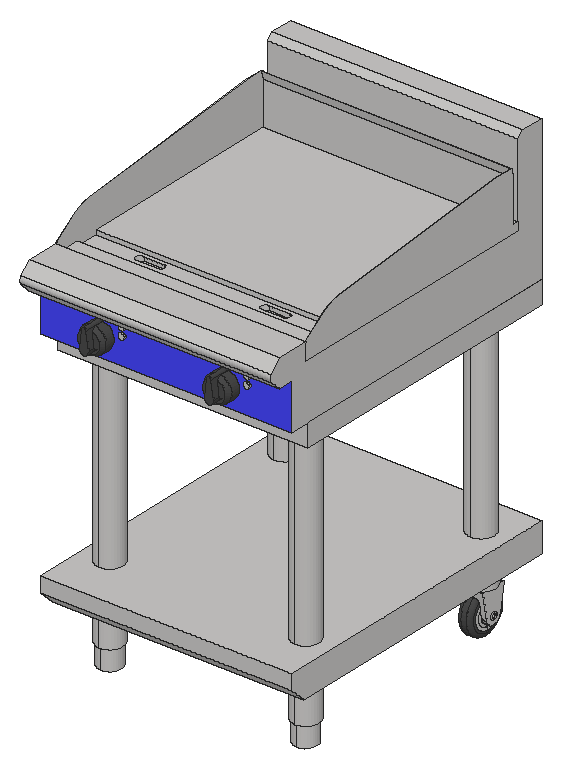
Revit family "QF_MOFFAT_BLUESEAL_CE_E514B-LS", category Specialty Equipment, Revit 2012
Parameters
  Weight in Pounds = 162  # constant formula
  Watts = 6800 W
  Volts = 230 V
  URL Cutsheet = "www.moffat.com"
  URL = "www.moffat.com"
  Type Mark [instance] = ""
  Status [instance] = ""
  Specification by User [instance] = ""
  Specification by Manufacturer = ""
  Show Logo [instance] = no
  Show Casters [instance] = yes
  Serial Number = ""
  Seismic Rating = ""
  SMACNA No = ""
  Revision Code [instance] = ""
  Phase = 1
  Omniclass Number and Title = ""
  Number of Poles = 1
  NAFEM Spec ID Number = ""
  Model = "E514B-LS"
  Min Ckt Ampacity = 0 A
  Max Overcurrent Protection = 0 A
  Masterspec = ""
  Manufacturer = "MOFFAT BLUESEAL"
  Legs [instance] = not(Show Casters)  # no
  Item Number [instance] = ""
  Installed By [instance] = ""
  Identify Quantity as Lot [instance] = yes
  HP = ""
  Furnished By [instance] = ""
  Foodservice Equipment Identifier [instance] = yes
  FL Amps = 28.3 A
  Elec Conn RI Height = 0 mm
  Elec Conn Connection Height = 0 mm
  Description = "600MM ELECTRIC GRIDDLE PLATE ON LEG STAND"
  Cycle = 50 Hz
  Conn Plug = ""
  Conn Conduit = yes
  CSI MasterFormat = ""
  CSI Master Format = ""
  Base Height [instance] = 150 mm
  Apparent Power = if(Phase = 3, Volts * FL Amps * 1.73, Volts * FL Amps)  # 6509 VA
Reference planes
  plane 1 "BACK": y = 0
  plane 2: z = 0
  plane 3 "LEFT": x = 0
  plane 4 "RIGHT": x = 600
  plane 5 "FRONT": y = -812
  plane 6 "TOP": z = 970
  plane 7 "Center Y": x = 300
  plane 8 "Center X": y = -406
  plane 9 "Base Height": z = 150
  plane 10: z = 915
  plane 11: y = -31
  plane 12: z = 710
  plane 13: x = 470
  plane 14: z = 1085
  plane 15: y = -625
  plane 16: y = -100
Forms (mm)
  Extrusion 1, solid, material "QF_Finishes_Stainless Steel"
    sketch origin (0, 0, 0) x (0, 1, 0) y (0, 0, 1)
      loop
        line (-749, 850) -> (-749, 740) -> (0, 740) -> (0, 1085) -> (-57.5, 1085) -> (-70, 1072.5) -> (-70, 875) -> (-705, 875) -> (-705, 915) -> (-783.97, 915) -> (-808.485, 890.485)
        arc (-808.485, 890.485) -> (-811.999, 882) -> (-808.485, 873.515) r 12
        line (-808.485, 873.515) -> (-784.97, 850) -> (-749, 850)
      loop
        line (0, 685) -> (0, 739.5) -> (-699, 739.5) -> (-699, 685) -> (0, 685)
      loop
        line (0, 222.5) -> (-749, 222.5) -> (-749, 186) -> (-713, 150) -> (0, 150) -> (0, 222.5)
    from 0 to 600
  Revolve 2, solid, material "QF_Finishes_Black"
    sketch origin (150, 7, 598.311) x (0, 1, 0) y (0, 0, -1)
      loop
        line (-789, -229.5) -> (-766, -229.5) -> (-766, -202) -> (-756, -202) -> (-756, -197) -> (-800, -197) -> (-800, -223.651) -> (-789, -229.5)
      axis (-800, -197) -> (-756, -197)
    angle from 0 to 360
  Extrusion 3, solid, material "QF_Finishes_Black"
    sketch origin (150, -759, 795.311) x (0, 0, 1) y (1, 0, 0)
      loop
        arc (32.192, -4.965) -> (37.079, 0.034) -> (32.192, 5.033) r 5
        line (32.192, 5.033) -> (-10.726, 10.453)
        arc (-10.726, 10.453) -> (-22.392, 0.618) -> (-11.893, -10.454) r 10.487
        line (-11.893, -10.454) -> (32.192, -4.965)
    from 0 to -49
  Extrusion 4, solid, material "QF_Finishes_Stainless Steel"
    sketch origin (0, 0, 222.5) x (0, -1, 0) y (1, 0, 0)
      loop
        circle (100, 65) r 31.75
      loop
        circle (625, 65) r 31.75
      loop
        circle (100, 535) r 31.75
      loop
        circle (625, 535) r 31.75
    from 0 to 462.5
  Revolve 5, solid, material "QF_Finishes_Stainless Steel", visible <- "Legs"
    sketch origin (65.5, -166, 0) x (0, 1, 0) y (0, 0, 1)
      loop
        line (34.25, 150) -> (34.25, 50) -> (38.5, 50) -> (38.5, 0) -> (66, 0) -> (66, 150) -> (34.25, 150)
      axis (66, 150) -> (66, 0)
    angle from 0 to 360
  Revolve 6, solid, material "QF_Finishes_Stainless Steel"
    sketch origin (65.5, -735, 0) x (0, 1, 0) y (0, 0, 1)
      loop
        line (78.25, 150) -> (78.25, 50) -> (82.5, 50) -> (82.5, 0) -> (110, 0) -> (110, 150) -> (78.25, 150)
      axis (110, 150) -> (110, 0)
    angle from 0 to 360
  Revolve 7, solid, material "QF_Finishes_Stainless Steel", visible <- "Legs"
    sketch origin (534.5, -166, 0) x (0, 1, 0) y (0, 0, -1)
      loop
        line (34.25, -150) -> (66, -150) -> (66, 0) -> (38.5, 0) -> (38.5, -50) -> (34.25, -50) -> (34.25, -150)
      axis (66, -150) -> (66, 0)
    angle from 0 to 360
  Revolve 8, solid, material "QF_Finishes_Stainless Steel"
    sketch origin (534.5, -728, 0) x (0, 1, 0) y (0, 0, -1)
      loop
        line (71.25, -150) -> (103, -150) -> (103, 0) -> (75.5, 0) -> (75.5, -50) -> (71.25, -50) -> (71.25, -150)
      axis (103, -150) -> (103, 0)
    angle from 0 to 360
  Extrusion 9, void
    sketch origin (0, -699, 740) x (0, -1, 0) y (1, 0, 0)
      loop
        circle (-668, 470) r 6.35
    from 0 to -62.281
  Extrusion 10, solid, material "QF_Finishes_Stainless Steel"
    sketch origin (16.039, -749, 850) x (0, 0, -1) y (1, 0, 0)
      loop
        circle (44.61, 179) r 7.15
      loop
        circle (24.61, 179) r 7.15
    from 0 to 3.2
  Revolve 11, solid, material "QF_Finishes_Stainless Steel", visible <- "Show Casters"
    sketch origin (16.276, -100.755, -13.653) x (1, 0, 0) y (0, 0, 1)
      loop
        line (14.841, 63.604) -> (83.584, 63.604) -> (83.584, 67.109) -> (82.314, 68.379) -> (80.79, 68.379) -> (80.79, 71.826) -> (68.644, 71.826) -> (68.644, 81.79) -> (65.088, 83.843) -> (63.738, 92.179) -> (65.881, 92.179) -> (65.881, 98.529) -> (65.088, 98.529) -> (65.088, 104.879)
        arc (65.088, 104.879) -> (62.298, 111.614) -> (55.563, 114.404) r 9.525
        line (55.563, 114.404) -> (42.863, 114.404)
        arc (42.863, 114.404) -> (36.127, 111.614) -> (33.338, 104.879) r 9.525
        line (33.338, 104.879) -> (33.338, 98.529) -> (32.544, 98.529) -> (32.544, 92.179) -> (34.687, 92.179) -> (33.352, 83.932) -> (29.782, 81.871) -> (29.782, 71.826) -> (17.635, 71.826) -> (17.635, 68.379) -> (16.111, 68.379) -> (14.841, 67.109) -> (14.841, 63.604)
      axis (14.841, 63.604) -> (83.584, 63.604)
    angle from 0 to 360
  Extrusion 12, solid, material "QF_Finishes_Stainless Steel", visible <- "Show Casters"
    sketch origin (72.001, 132.353, -8.783) x (0, 1, 0) y (0, 0, 1)
      loop
        line (-200.603, 118.783) -> (-264.103, 118.783) -> (-251.746, 53.895)
        arc (-251.746, 53.895) -> (-232.353, 38.783) -> (-212.959, 53.895) r 20
        line (-212.959, 53.895) -> (-200.603, 118.783)
    from -35.667 to 22.923
  Revolve 13, solid, material "QF_Finishes_Stainless Steel", visible <- "Show Casters"
    sketch origin (65.5, -204, 0) x (0, 1, 0) y (0, 0, 1)
      loop
        line (68.25, 150) -> (68.25, 110) -> (104, 110) -> (104, 150) -> (68.25, 150)
      axis (104, 150) -> (104, 110)
    angle from 0 to 360
  Revolve 14, solid, material "QF_Finishes_Stainless Steel", visible <- "Legs"
    sketch origin (65.5, -166, 0) x (0, 1, 0) y (0, 0, 1)
      loop
        line (34.25, 150) -> (34.25, 50) -> (38.5, 50) -> (38.5, 0) -> (66, 0) -> (66, 150) -> (34.25, 150)
      axis (66, 150) -> (66, 0)
    angle from 0 to 360
  Revolve 15, solid, material "QF_Finishes_Stainless Steel", visible <- "Show Casters"
    sketch origin (485.276, -100.755, -13.653) x (1, 0, 0) y (0, 0, 1)
      loop
        line (14.841, 63.604) -> (83.584, 63.604) -> (83.584, 67.109) -> (82.314, 68.379) -> (80.79, 68.379) -> (80.79, 71.826) -> (68.644, 71.826) -> (68.644, 81.79) -> (65.088, 83.843) -> (63.738, 92.179) -> (65.881, 92.179) -> (65.881, 98.529) -> (65.088, 98.529) -> (65.088, 104.879)
        arc (65.088, 104.879) -> (62.298, 111.614) -> (55.563, 114.404) r 9.525
        line (55.563, 114.404) -> (42.863, 114.404)
        arc (42.863, 114.404) -> (36.127, 111.614) -> (33.338, 104.879) r 9.525
        line (33.338, 104.879) -> (33.338, 98.529) -> (32.544, 98.529) -> (32.544, 92.179) -> (34.687, 92.179) -> (33.352, 83.932) -> (29.782, 81.871) -> (29.782, 71.826) -> (17.635, 71.826) -> (17.635, 68.379) -> (16.111, 68.379) -> (14.841, 67.109) -> (14.841, 63.604)
      axis (14.841, 63.604) -> (83.584, 63.604)
    angle from 0 to 360
  Extrusion 16, solid, material "QF_Finishes_Stainless Steel", visible <- "Show Casters"
    sketch origin (541.001, 132.353, -8.783) x (0, 1, 0) y (0, 0, 1)
      loop
        line (-200.603, 118.783) -> (-264.103, 118.783) -> (-251.746, 53.895)
        arc (-251.746, 53.895) -> (-232.353, 38.783) -> (-212.959, 53.895) r 20
        line (-212.959, 53.895) -> (-200.603, 118.783)
    from -35.667 to 22.923
  Revolve 17, solid, material "QF_Finishes_Stainless Steel", visible <- "Show Casters"
    sketch origin (534.5, -204, 0) x (0, 1, 0) y (0, 0, 1)
      loop
        line (68.25, 150) -> (68.25, 110) -> (104, 110) -> (104, 150) -> (68.25, 150)
      axis (104, 150) -> (104, 110)
    angle from 0 to 360
  Revolve 18, solid, material "QF_Finishes_Black"
    sketch origin (450, 7, 598.311) x (0, 1, 0) y (0, 0, -1)
      loop
        line (-789, -229.5) -> (-766, -229.5) -> (-766, -202) -> (-756, -202) -> (-756, -197) -> (-800, -197) -> (-800, -223.651) -> (-789, -229.5)
      axis (-800, -197) -> (-756, -197)
    angle from 0 to 360
  Extrusion 19, solid, material "QF_Finishes_Black"
    sketch origin (450, -759, 795.311) x (0, 0, 1) y (1, 0, 0)
      loop
        arc (32.192, -4.965) -> (37.079, 0.034) -> (32.192, 5.033) r 5
        line (32.192, 5.033) -> (-10.726, 10.453)
        arc (-10.726, 10.453) -> (-22.392, 0.618) -> (-11.893, -10.454) r 10.487
        line (-11.893, -10.454) -> (32.192, -4.965)
    from 0 to -49
  Extrusion 20, solid, material "QF_Finishes_Stainless Steel"
    sketch origin (316.039, -749, 850) x (0, 0, -1) y (1, 0, 0)
      loop
        circle (44.61, 179) r 7.15
      loop
        circle (24.61, 179) r 7.15
    from 0 to 3.2
Cuts and joins
  Extrusion 9 cuts Extrusion 1
Lines and regions (mm)
  Split face 1
    outline origin (600, 0, 1085) x (-1, 0, 0) y (0, -1, 0)
      loop
        arc (556, 18.385) -> (564.66, 23.385) -> (564.66, 33.385) r 10
        line (564.66, 33.385) -> (560.619, 40.385)
        arc (560.619, 40.385) -> (556.959, 44.045) -> (551.959, 45.385) r 10
        line (551.959, 45.385) -> (324, 45.385)
        arc (324, 45.385) -> (315.34, 40.385) -> (315.34, 30.385) r 10
        line (315.34, 30.385) -> (319.381, 23.385)
        arc (319.381, 23.385) -> (323.041, 19.725) -> (328.041, 18.385) r 10
        line (328.041, 18.385) -> (556, 18.385)
  Split face 2
    outline origin (600, 0, 1085) x (-1, 0, 0) y (0, -1, 0)
      loop
        arc (276, 18.385) -> (284.66, 23.385) -> (284.66, 33.385) r 10
        line (284.66, 33.385) -> (280.619, 40.385)
        arc (280.619, 40.385) -> (276.959, 44.045) -> (271.959, 45.385) r 10
        line (271.959, 45.385) -> (44, 45.385)
        arc (44, 45.385) -> (35.34, 40.385) -> (35.34, 30.385) r 10
        line (35.34, 30.385) -> (39.381, 23.385)
        arc (39.381, 23.385) -> (43.041, 19.725) -> (48.041, 18.385) r 10
        line (48.041, 18.385) -> (276, 18.385)
  symbolic lines, style "SpecialityEquipmentHiddenLines", visible <- "Show Casters"
    curve 1: line (78.456, -46.735, 0) -> (105.952, -62.61, 0)
    curve 2: line (27.656, -134.723, 0) -> (78.456, -46.735, 0)
    curve 3: line (55.152, -150.598, 0) -> (27.656, -134.723, 0)
    curve 4: line (105.952, -62.61, 0) -> (55.152, -150.598, 0)
    curve 5: line (548.456, -46.735, 0) -> (575.952, -62.61, 0)
    curve 6: line (497.656, -134.723, 0) -> (548.456, -46.735, 0)
    curve 7: line (525.152, -150.598, 0) -> (497.656, -134.723, 0)
    curve 8: line (575.952, -62.61, 0) -> (525.152, -150.598, 0)
  symbolic lines
    curve 9: line (271.959, -18.385, 0) -> (44, -18.385, 0)
    curve 10: arc (44, -18.385, 0) -> (35.34, -23.385, 0) -> (35.34, -33.385, 0) r 10
    curve 11: line (35.34, -33.385, 0) -> (39.381, -40.385, 0)
    curve 12: arc (39.381, -40.385, 0) -> (43.041, -44.045, 0) -> (48.041, -45.385, 0) r 10
    curve 13: line (48.041, -45.385, 0) -> (276, -45.385, 0)
    curve 14: arc (276, -45.385, 0) -> (284.66, -40.385, 0) -> (284.66, -30.385, 0) r 10
    curve 15: line (284.66, -30.385, 0) -> (280.619, -23.385, 0)
    curve 16: arc (280.619, -23.385, 0) -> (276.959, -19.725, 0) -> (271.959, -18.385, 0) r 10
    curve 17: line (324, -18.385, 0) -> (551.959, -18.385, 0)
    curve 18: arc (551.959, -18.385, 0) -> (556.959, -19.725, 0) -> (560.619, -23.385, 0) r 10
    curve 19: line (560.619, -23.385, 0) -> (564.66, -30.385, 0)
    curve 20: arc (564.66, -30.385, 0) -> (564.66, -40.385, 0) -> (556, -45.385, 0) r 10
    curve 21: line (556, -45.385, 0) -> (328.041, -45.385, 0)
    curve 22: arc (328.041, -45.385, 0) -> (323.041, -44.045, 0) -> (319.381, -40.385, 0) r 10
    curve 23: line (319.381, -40.385, 0) -> (315.34, -33.385, 0)
    curve 24: arc (315.34, -33.385, 0) -> (315.34, -23.385, 0) -> (324, -18.385, 0) r 10
    curve 25: line (0, -783.97, 0) -> (600, -783.97, 0)
    curve 26: line (0, 0, 0) -> (0, -811.999, 0)
    curve 27: line (600, -811.999, 0) -> (600, 0, 0)
    curve 28: line (600, -811.999, 0) -> (0, -811.999, 0)
    curve 29: line (0, -70, 0) -> (600, -70, 0)
    curve 30: line (0, -57.5, 0) -> (600, -57.5, 0)
    curve 31: line (600, 0, 0) -> (0, 0, 0)
Dimensions and locks
  equal spacing: plane 3 "LEFT", plane 7 "Center Y", plane 4 "RIGHT"
  plane 3 "LEFT" to plane 4 "RIGHT" = 600 mm
  equal spacing: plane 5 "FRONT", plane 8 "Center X", plane 1 "BACK"
  plane 5 "FRONT" to plane 1 "BACK" = 812 mm  (x2)
  equal spacing: plane 4 "RIGHT", plane 7 "Center Y", plane 3 "LEFT"
  plane 4 "RIGHT" to plane 3 "LEFT" = 600 mm
  "Base Height": plane 9 "Base Height" to level
  plane 6 "TOP" to level = 970 mm
  plane 10 to level = 915 mm
  plane 11 to plane 1 "BACK" = 31 mm
  plane 12 to level = 710 mm
  plane 13 to plane 4 "RIGHT" = 130 mm
  plane 14 to plane 2 = 1085 mm
  Revolve 11 sketch curve to Revolve 11 sketch curve = 50.8 mm
  Revolve 15 sketch curve to Revolve 15 sketch curve = 50.8 mm
  plane 2 to cut or joined group of Extrusion 1, Extrusion 9 = 740 mm
  Extrusion 9 sketch curve to plane 1 "BACK" = 31 mm
  aligned and locked: level to plane 2
  aligned and locked: Extrusion 4 to cut or joined group of Extrusion 1, Extrusion 9
Automatic sketch dimensions
  plane 1 "BACK" to curve 31 = 0 mm
  curve 31 to plane 3 "LEFT" = 0 mm
  curve 27 to plane 4 "RIGHT" = 0 mm
  plane 3 "LEFT" to curve 3 = 27.656 mm
  curve 10 to plane 11 = 2.385 mm
  plane 3 "LEFT" to curve 10 = 35.34 mm
  curve 11 to curve 12 = 4.041 mm
  curve 10 to curve 9 = 8.66 mm
  curve 12 to plane 11 = 4.385 mm
  curve 10 to curve 12 = 4.041 mm
  curve 2 to curve 3 = 27.496 mm
  curve 2 to plane 11 = 15.735 mm
  curve 12 to curve 2 = 30.414 mm
  plane 11 to curve 9 = 12.615 mm
  curve 9 to plane 7 "Center Y" = 28.041 mm
  curve 14 to plane 11 = 4.385 mm
  curve 16 to curve 14 = 4.041 mm
  plane 11 to curve 15 = 7.615 mm
  curve 16 to curve 15 = 8.66 mm
  plane 11 to curve 14 = 0.615 mm
  curve 15 to curve 14 = 4.041 mm
  curve 24 to plane 11 = 2.385 mm
  plane 7 "Center Y" to curve 24 = 15.34 mm
  curve 23 to plane 11 = 9.385 mm
  curve 23 to curve 23 = 4.041 mm
  plane 11 to curve 17 = 12.615 mm
  curve 24 to curve 17 = 8.66 mm
  curve 23 to curve 22 = 8.66 mm
  plane 13 to curve 7 = 27.656 mm
  curve 6 to curve 8 = 27.496 mm
  curve 6 to plane 11 = 15.735 mm
  plane 4 "RIGHT" to curve 6 = 51.544 mm
  curve 5 to curve 18 = 3.503 mm
  curve 5 to curve 21 = 7.544 mm
  plane 11 to curve 19 = 7.615 mm
  curve 17 to curve 19 = 8.66 mm
  plane 11 to curve 20 = 0.615 mm
  curve 18 to curve 20 = 4.041 mm
  curve 30 to plane 11 = 26.5 mm
  curve 4 to curve 1 = 15.875 mm
  curve 5 to curve 30 = 5.11 mm
  curve 29 to curve 30 = 12.5 mm
  curve 25 to plane 5 "FRONT" = 28.03 mm
  curve 28 to plane 5 "FRONT" = 0.001 mm
  curve 22 to curve 23 = 5 mm
  plane 10 to Extrusion 1 sketch curve = 0 mm
  Extrusion 1 sketch curve to plane 9 "Base Height" = 0 mm
  plane 14 to Extrusion 1 sketch curve = 0 mm
  Extrusion 1 sketch curve to plane 1 "BACK" = 0 mm  (x3)
  Extrusion 1 sketch curve to plane 11 = 26.5 mm
  plane 14 to Extrusion 1 sketch curve = 12.5 mm
  Extrusion 1 sketch curve to Extrusion 1 sketch curve = 12.5 mm
  Extrusion 1 sketch curve to plane 12 = 25 mm
  plane 15 to Extrusion 1 sketch curve = 74 mm
  plane 15 to Extrusion 1 sketch curve = 80 mm
  plane 15 to Extrusion 1 sketch curve = 88 mm
  Extrusion 1 sketch curve to Extrusion 1 sketch curve = 44 mm
  Extrusion 1 sketch curve to Extrusion 1 sketch curve = 36 mm
  Extrusion 1 sketch curve to plane 5 "FRONT" = 28.03 mm
  Extrusion 1 sketch curve to plane 5 "FRONT" = 27.03 mm
  Extrusion 1 sketch curve to plane 5 "FRONT" = 12.001 mm
  Extrusion 1 sketch curve to plane 5 "FRONT" = 3.515 mm  (x2)
  plane 9 "Base Height" to Extrusion 1 sketch curve = 36 mm
  plane 9 "Base Height" to Extrusion 1 sketch curve = 72.5 mm
  plane 12 to Extrusion 1 sketch curve = 29.5 mm
  Extrusion 1 sketch curve to Extrusion 1 sketch curve = 0.5 mm
  plane 10 to Extrusion 1 sketch curve = 65 mm
  Extrusion 1 sketch curve to Extrusion 1 sketch curve = 23.515 mm
  plane 10 to Extrusion 1 sketch curve = 40 mm
  Extrusion 1 sketch curve to Extrusion 1 sketch curve = 8.485 mm
  Revolve 2 sketch curve to plane 5 "FRONT" = 19 mm
  Revolve 2 sketch curve to Revolve 2 sketch curve = 0 mm  (x2)
  Revolve 2 sketch curve to Revolve 2 sketch curve = 11 mm
  Revolve 2 sketch curve to Revolve 2 sketch curve = 12.7 mm
  Revolve 2 sketch curve to Revolve 2 sketch curve = 23 mm
  Revolve 2 sketch curve to Revolve 2 sketch curve = 10 mm
  plane 10 to Revolve 2 sketch curve = 87.189 mm
  Revolve 2 sketch curve to Revolve 2 sketch curve = 5.849 mm
  Revolve 2 sketch curve to Revolve 2 sketch curve = 27.5 mm
  Revolve 2 sketch curve to Revolve 2 sketch curve = 5 mm
  Extrusion 3 sketch curve to Revolve 2 = 0.034 mm  (x2)
  Revolve 2 to Extrusion 3 sketch curve = 10.454 mm
  Extrusion 3 sketch curve to Extrusion 3 sketch curve = 0.028 mm
  Extrusion 3 sketch curve to Revolve 2 = 10.453 mm
  Extrusion 3 sketch curve to Extrusion 3 sketch curve = 44 mm
  Extrusion 3 sketch curve to Revolve 2 = 5.033 mm
  Extrusion 3 sketch curve to Extrusion 3 sketch curve = 0.113 mm
  Revolve 2 to Extrusion 3 sketch curve = 4.965 mm
  Extrusion 4 sketch curve to Extrusion 4 sketch curve = 0 mm  (x8)
  Extrusion 1 to Extrusion 4 sketch curve = 68.25 mm  (x2)
  Extrusion 4 sketch curve to Extrusion 4 sketch curve = 31.75 mm  (x4)
  Extrusion 4 sketch curve to Extrusion 1 = 155.75 mm  (x2)
  Extrusion 1 to Extrusion 4 sketch curve = 65 mm  (x4)
  Revolve 5 sketch curve to plane 9 "Base Height" = 0 mm
  Revolve 5 sketch curve to level = 0 mm
  Revolve 5 sketch curve to plane 16 = 0 mm  (x2)
  Revolve 5 sketch curve to Revolve 5 sketch curve = 27.5 mm
  Revolve 5 sketch curve to Revolve 5 sketch curve = 31.75 mm
  Revolve 5 sketch curve to Revolve 5 sketch curve = 55 mm
  level to Revolve 5 sketch curve = 50 mm
  Revolve 5 sketch curve to Revolve 5 sketch curve = 0 mm
  Revolve 6 sketch curve to plane 9 "Base Height" = 0 mm
  Revolve 6 sketch curve to level = 0 mm
  Revolve 6 sketch curve to plane 15 = 0 mm  (x2)
  Revolve 6 sketch curve to Revolve 6 sketch curve = 27.5 mm
  Revolve 6 sketch curve to Revolve 6 sketch curve = 31.75 mm
  Revolve 6 sketch curve to Revolve 6 sketch curve = 55 mm
  level to Revolve 6 sketch curve = 50 mm
  Revolve 6 sketch curve to Revolve 6 sketch curve = 0 mm
  Revolve 7 sketch curve to plane 9 "Base Height" = 0 mm
  Revolve 7 sketch curve to level = 0 mm
  Revolve 7 sketch curve to plane 16 = 0 mm  (x2)
  plane 16 to Revolve 7 sketch curve = 27.5 mm
  plane 16 to Revolve 7 sketch curve = 31.75 mm
  level to Revolve 7 sketch curve = 50 mm
  Revolve 7 sketch curve to Revolve 7 sketch curve = 0 mm
  Revolve 7 sketch curve to Revolve 7 sketch curve = 55 mm
  Revolve 8 sketch curve to plane 9 "Base Height" = 0 mm
  Revolve 8 sketch curve to level = 0 mm
  Revolve 8 sketch curve to plane 15 = 0 mm  (x2)
  plane 15 to Revolve 8 sketch curve = 27.5 mm
  plane 15 to Revolve 8 sketch curve = 31.75 mm
  level to Revolve 8 sketch curve = 50 mm
  Revolve 8 sketch curve to Revolve 8 sketch curve = 0 mm
  Revolve 8 sketch curve to Revolve 8 sketch curve = 55 mm
  Extrusion 9 sketch curve to Extrusion 1 = 130 mm
  Split face 1 sketch curve to cut or joined group of Extrusion 1, Extrusion 9 = 27.115 mm
  Split face 1 sketch curve to cut or joined group of Extrusion 1, Extrusion 9 = 284.66 mm
  Split face 1 sketch curve to Split face 1 sketch curve = 4.041 mm  (x4)
  Split face 1 sketch curve to Split face 1 sketch curve = 8.66 mm  (x2)
  Split face 1 sketch curve to cut or joined group of Extrusion 1, Extrusion 9 = 12.115 mm
  Split face 1 sketch curve to cut or joined group of Extrusion 1, Extrusion 9 = 48.041 mm
  Split face 1 sketch curve to Split face 1 sketch curve = 7 mm  (x3)
  Split face 1 sketch curve to Split face 1 sketch curve = 17 mm
  Split face 2 sketch curve to cut or joined group of Extrusion 1, Extrusion 9 = 35.34 mm
  Split face 2 sketch curve to Split face 2 sketch curve = 4.041 mm  (x4)
  Split face 2 sketch curve to Split face 2 sketch curve = 8.66 mm  (x2)
  Split face 2 sketch curve to cut or joined group of Extrusion 1, Extrusion 9 = 12.115 mm
  Split face 2 sketch curve to Split face 2 sketch curve = 223.917 mm
  Split face 2 sketch curve to Split face 2 sketch curve = 5 mm
  Split face 2 sketch curve to Split face 2 sketch curve = 10 mm
  Split face 2 sketch curve to Split face 2 sketch curve = 7 mm  (x3)
  Extrusion 10 sketch curve to Extrusion 1 = 24.61 mm
  Extrusion 10 sketch curve to Extrusion 10 sketch curve = 20 mm
  Extrusion 1 to Extrusion 10 sketch curve = 195.039 mm
  Extrusion 10 sketch curve to Extrusion 10 sketch curve = 0 mm
  plane 3 "LEFT" to Revolve 11 sketch curve = 31.118 mm
  Revolve 11 sketch curve to Revolve 11 sketch curve = 1.27 mm  (x4)
  Revolve 11 sketch curve to Revolve 11 sketch curve = 1.524 mm  (x2)
  Revolve 11 sketch curve to Revolve 11 sketch curve = 12.146 mm  (x2)
  Revolve 11 sketch curve to Revolve 11 sketch curve = 2.762 mm
  Revolve 11 sketch curve to Revolve 11 sketch curve = 0.794 mm  (x2)
  Revolve 11 sketch curve to Revolve 11 sketch curve = 3.57 mm
  Revolve 11 sketch curve to Revolve 11 sketch curve = 2.143 mm
  Revolve 11 sketch curve to Revolve 11 sketch curve = 9.525 mm
  Revolve 11 sketch curve to Revolve 11 sketch curve = 24.572 mm
  Revolve 11 sketch curve to Revolve 11 sketch curve = 12.7 mm
  Revolve 11 sketch curve to Revolve 11 sketch curve = 8.176 mm
  Revolve 11 sketch curve to Revolve 11 sketch curve = 1.349 mm  (x2)
  Revolve 11 sketch curve to Revolve 11 sketch curve = 3.556 mm
  Revolve 11 sketch curve to Revolve 11 sketch curve = 33.32 mm
  level to Revolve 11 sketch curve = 49.952 mm
  Revolve 11 sketch curve to Revolve 11 sketch curve = 0 mm
  Revolve 11 sketch curve to Revolve 11 sketch curve = 3.505 mm  (x2)
  Revolve 11 sketch curve to Revolve 11 sketch curve = 3.447 mm  (x2)
  Revolve 11 sketch curve to Revolve 11 sketch curve = 9.964 mm
  Revolve 11 sketch curve to Revolve 11 sketch curve = 10.045 mm
  Revolve 11 sketch curve to Revolve 11 sketch curve = 2.053 mm
  Revolve 11 sketch curve to Revolve 11 sketch curve = 2.061 mm
  Revolve 11 sketch curve to Revolve 11 sketch curve = 8.247 mm
  Revolve 11 sketch curve to Revolve 11 sketch curve = 8.336 mm
  Revolve 11 sketch curve to Revolve 11 sketch curve = 6.35 mm  (x2)
  Extrusion 12 sketch curve to plane 16 = 0 mm
  plane 16 to Extrusion 12 sketch curve = 19.393 mm
  plane 16 to Extrusion 12 sketch curve = 31.75 mm
  Extrusion 12 sketch curve to plane 16 = 19.393 mm
  Extrusion 12 sketch curve to plane 16 = 31.75 mm
  level to Extrusion 12 sketch curve = 45.111 mm
  Extrusion 12 sketch curve to Extrusion 12 sketch curve = 4.889 mm
  Extrusion 12 sketch curve to plane 9 "Base Height" = 40 mm
  Revolve 13 sketch curve to plane 9 "Base Height" = 0 mm
  Revolve 13 sketch curve to plane 16 = 0 mm  (x2)
  plane 16 to Revolve 13 sketch curve = 35.75 mm
  Revolve 13 sketch curve to Revolve 13 sketch curve = 40 mm
  level to Revolve 13 sketch curve = 50 mm
  Revolve 13 sketch curve to level = 55 mm
  Revolve 14 sketch curve to plane 9 "Base Height" = 0 mm
  Revolve 14 sketch curve to level = 0 mm
  Revolve 14 sketch curve to plane 16 = 0 mm  (x2)
  Revolve 14 sketch curve to Revolve 14 sketch curve = 27.5 mm
  Revolve 14 sketch curve to Revolve 14 sketch curve = 31.75 mm
  Revolve 14 sketch curve to Revolve 14 sketch curve = 55 mm
  level to Revolve 14 sketch curve = 50 mm
  Revolve 14 sketch curve to Revolve 14 sketch curve = 0 mm
  plane 13 to Revolve 15 sketch curve = 30.118 mm
  Revolve 15 sketch curve to Revolve 15 sketch curve = 1.27 mm  (x4)
  Revolve 15 sketch curve to Revolve 15 sketch curve = 1.524 mm  (x2)
  Revolve 15 sketch curve to Revolve 15 sketch curve = 12.146 mm  (x2)
  Revolve 15 sketch curve to Revolve 15 sketch curve = 2.762 mm
  Revolve 15 sketch curve to Revolve 15 sketch curve = 0.794 mm  (x2)
  Revolve 15 sketch curve to Revolve 15 sketch curve = 3.57 mm
  Revolve 15 sketch curve to Revolve 15 sketch curve = 2.143 mm
  Revolve 15 sketch curve to Revolve 15 sketch curve = 9.525 mm
  Revolve 15 sketch curve to Revolve 15 sketch curve = 24.572 mm
  Revolve 15 sketch curve to Revolve 15 sketch curve = 12.7 mm
  Revolve 15 sketch curve to Revolve 15 sketch curve = 8.176 mm
  Revolve 15 sketch curve to Revolve 15 sketch curve = 1.349 mm  (x2)
  Revolve 15 sketch curve to Revolve 15 sketch curve = 3.556 mm
  Revolve 15 sketch curve to plane 4 "RIGHT" = 2.18 mm
  level to Revolve 15 sketch curve = 49.952 mm
  Revolve 15 sketch curve to Revolve 15 sketch curve = 0 mm
  Revolve 15 sketch curve to Revolve 15 sketch curve = 3.505 mm  (x2)
  Revolve 15 sketch curve to Revolve 15 sketch curve = 3.447 mm  (x2)
  Revolve 15 sketch curve to Revolve 15 sketch curve = 9.964 mm
  Revolve 15 sketch curve to Revolve 15 sketch curve = 10.045 mm
  Revolve 15 sketch curve to Revolve 15 sketch curve = 2.053 mm
  Revolve 15 sketch curve to Revolve 15 sketch curve = 2.061 mm
  Revolve 15 sketch curve to Revolve 15 sketch curve = 8.247 mm
  Revolve 15 sketch curve to Revolve 15 sketch curve = 8.336 mm
  Revolve 15 sketch curve to Revolve 15 sketch curve = 6.35 mm  (x2)
  Extrusion 16 sketch curve to plane 16 = 0 mm
  plane 16 to Extrusion 16 sketch curve = 19.393 mm
  plane 16 to Extrusion 16 sketch curve = 31.75 mm
  Extrusion 16 sketch curve to plane 16 = 19.393 mm
  Extrusion 16 sketch curve to plane 16 = 31.75 mm
  level to Extrusion 16 sketch curve = 45.111 mm
  Extrusion 16 sketch curve to Extrusion 16 sketch curve = 4.889 mm
  Extrusion 16 sketch curve to plane 9 "Base Height" = 40 mm
  Revolve 17 sketch curve to plane 9 "Base Height" = 0 mm
  Revolve 17 sketch curve to plane 16 = 0 mm  (x2)
  Revolve 17 sketch curve to Revolve 17 sketch curve = 35.75 mm
  Revolve 17 sketch curve to Revolve 17 sketch curve = 40 mm
  level to Revolve 17 sketch curve = 50 mm
  Revolve 17 sketch curve to level = 55 mm
  Revolve 18 sketch curve to plane 5 "FRONT" = 19 mm
  Revolve 18 sketch curve to Revolve 18 sketch curve = 0 mm  (x2)
  Revolve 18 sketch curve to Revolve 18 sketch curve = 11 mm
  Revolve 18 sketch curve to Revolve 18 sketch curve = 12.7 mm
  Revolve 18 sketch curve to Revolve 18 sketch curve = 23 mm
  Revolve 18 sketch curve to Revolve 18 sketch curve = 10 mm
  plane 10 to Revolve 18 sketch curve = 87.189 mm
  Revolve 18 sketch curve to Revolve 18 sketch curve = 5.849 mm
  Revolve 18 sketch curve to Revolve 18 sketch curve = 27.5 mm
  Revolve 18 sketch curve to Revolve 18 sketch curve = 5 mm
  Extrusion 19 sketch curve to Revolve 18 = 0.034 mm  (x2)
  Revolve 18 to Extrusion 19 sketch curve = 10.454 mm
  Extrusion 19 sketch curve to Extrusion 19 sketch curve = 0.028 mm
  Extrusion 19 sketch curve to Revolve 18 = 10.453 mm
  Extrusion 19 sketch curve to Extrusion 19 sketch curve = 44 mm
  Extrusion 19 sketch curve to Revolve 18 = 5.033 mm
  Extrusion 19 sketch curve to Extrusion 19 sketch curve = 0.113 mm
  Revolve 18 to Extrusion 19 sketch curve = 4.965 mm
  Extrusion 20 sketch curve to Extrusion 1 = 24.61 mm
  Extrusion 20 sketch curve to Extrusion 20 sketch curve = 20 mm
  Extrusion 1 to Extrusion 20 sketch curve = 104.961 mm
  Extrusion 20 sketch curve to Extrusion 20 sketch curve = 0 mm
  radius of Extrusion 9 sketch curve = 6.35 mm
  radius of Extrusion 10 sketch curve = 7.15 mm  (x2)
  radius of Extrusion 20 sketch curve = 7.15 mm  (x2)
Nested families
  nested 1: "WALDORF LOGO_FACE BASE" at (32, -70, 1057.475) x (1, 0, 0) z (0, -1, 0), visible <- "Show Logo", type "WALDORF LOGO_FACE BASE", detail levels medium+fine
    with Show Logo yes
  nested 2: "ELECTRIC GRIDDLE PLATE 600" at (0, -85, 874.5), type "ELECTRIC GRIDDLE PLATE 600"
    with Width 600 mm, Type Mark "", Status "", Specification by User "", Revision Code "", Item Number "", Installed By "", Identify Quantity as Lot yes, Furnished By "", Foodservice Equipment Identifier yes, Depth 620 mm
Connectors
  electrical at (470, -31, 740), driven by "Volts", driven by "Watts"
    settings: on Extrusion 9, index 1, voltage 230 V, apparent load 6800 VA, apparent load phase1 0 VA, apparent load phase2 0 VA, apparent load phase3 0 VA, power factor 1, load classification "Other", number of poles 1, system type 30, power factor state 1, is connector primary yes, connector utility no, sub classification motor no, connector description "ELECTRICAL CONNECTION"
Definition of nested family "WALDORF LOGO_FACE BASE"
  Parameters (values of type "WALDORF LOGO_FACE BASE")
    Show Logo [instance] = yes
    Default Elevation = 1219.2 mm
  Reference planes
    plane 1 "Center (Front/Back)": y = 0
    plane 2: z = 0
    plane 3 "Center (Left/Right)": x = 0
  Forms (mm)
    Extrusion 1, solid
      sketch origin (0, 0, 0) x (1, 0, 0) y (0, 1, 0)
        loop
          line (-1219.2, 1219.2) -> (-1219.2, -1219.2) -> (1219.2, -1219.2) -> (1219.2, 1219.2) -> (-1219.2, 1219.2)
      from 0 to -304.8
    Extrusion 2, solid, material "QF_Finishes_Blue", visible <- "Show Logo"
      sketch origin (0, -33.217, 0) x (1, 0, 0) y (0, 1, 0)
        loop
          arc (138, 31.942) -> (137.626, 32.844) -> (136.724, 33.217) r 1.276
          line (136.724, 33.217) -> (1.29, 33.217)
          arc (1.29, 33.217) -> (0.378, 32.839) -> (0, 31.927) r 1.29
          line (0, 31.927) -> (0, 11.507)
          arc (0, 11.507) -> (0.378, 10.595) -> (1.29, 10.217) r 1.29
          line (1.29, 10.217) -> (136.71, 10.217)
          arc (136.71, 10.217) -> (137.622, 10.595) -> (138, 11.507) r 1.29
          line (138, 11.507) -> (138, 31.942)
      from 0 to 1.588
    Extrusion 3, solid, material "QF_Finishes_White", visible <- "Show Logo"
      sketch origin (0, -33.217, 1.588) x (1, 0, 0) y (0, 1, 0)
        loop
          arc (108.946, 25.919) -> (107.613, 25.367) -> (107.061, 24.034) r 1.885
          line (107.061, 24.034) -> (107.061, 17.211) -> (112.704, 17.211) -> (112.704, 19.129) -> (115.546, 19.129) -> (115.546, 17.211) -> (121.584, 17.211) -> (121.584, 24.075)
          arc (121.584, 24.075) -> (121.043, 25.379) -> (119.739, 25.919) r 1.845
          line (119.739, 25.919) -> (108.946, 25.919)
        loop
          line (123.478, 25.919) -> (123.478, 17.163) -> (134.904, 17.163) -> (134.904, 19.129) -> (129.246, 19.129) -> (129.246, 25.919) -> (123.478, 25.919)
        loop
          line (112.704, 21.258) -> (115.546, 21.258) -> (115.546, 22.702)
          arc (115.546, 22.702) -> (115.344, 23.188) -> (114.858, 23.389) r 0.687
          line (114.858, 23.389) -> (113.363, 23.389)
          arc (113.363, 23.389) -> (112.897, 23.196) -> (112.704, 22.73) r 0.658
          line (112.704, 22.73) -> (112.704, 21.258)
        loop
          line (105.071, 25.919) -> (93.771, 25.919) -> (93.771, 17.163) -> (105.071, 17.163) -> (105.071, 19.063) -> (99.535, 19.063) -> (99.535, 20.437) -> (105.071, 20.437) -> (105.071, 22.278) -> (99.535, 22.278) -> (99.535, 23.587) -> (105.071, 23.587) -> (105.071, 25.919)
        loop
          line (91.104, 25.919) -> (79.541, 25.919)
          arc (79.541, 25.919) -> (78.558, 25.513) -> (78.152, 24.53) r 1.389
          line (78.152, 24.53) -> (78.152, 22.08)
          arc (78.152, 22.08) -> (78.558, 21.098) -> (79.541, 20.691) r 1.389
          line (79.541, 20.691) -> (86.346, 20.691) -> (86.346, 18.864) -> (83.266, 18.864) -> (83.266, 19.664) -> (78.152, 19.664) -> (78.152, 18.553)
          arc (78.152, 18.553) -> (78.558, 17.57) -> (79.541, 17.163) r 1.389
          line (79.541, 17.163) -> (91.063, 17.163)
          arc (91.063, 17.163) -> (92.045, 17.57) -> (92.452, 18.553) r 1.389
          line (92.452, 18.553) -> (92.452, 20.691)
          arc (92.452, 20.691) -> (92.045, 21.673) -> (91.063, 22.08) r 1.389
          line (91.063, 22.08) -> (83.266, 22.08) -> (83.266, 23.984) -> (86.346, 23.984) -> (86.346, 22.743) -> (92.452, 22.743) -> (92.452, 24.571)
          arc (92.452, 24.571) -> (92.057, 25.524) -> (91.104, 25.919) r 1.348
        loop
          line (70.705, 25.919) -> (59.405, 25.919) -> (59.405, 17.163) -> (70.705, 17.163) -> (70.705, 19.063) -> (65.169, 19.063) -> (65.169, 20.437) -> (70.705, 20.437) -> (70.705, 22.278) -> (65.169, 22.278) -> (65.169, 23.587) -> (70.705, 23.587) -> (70.705, 25.919)
        loop
          line (57.598, 25.919) -> (51.7, 25.919) -> (51.7, 20.18)
          arc (51.7, 20.18) -> (50.63, 19.11) -> (49.56, 20.18) r 1.07
          line (49.56, 20.18) -> (49.56, 25.919) -> (43.663, 25.919) -> (43.663, 19.049)
          arc (43.663, 19.049) -> (44.215, 17.716) -> (45.548, 17.163) r 1.885
          line (45.548, 17.163) -> (55.71, 17.163)
          arc (55.71, 17.163) -> (57.045, 17.716) -> (57.598, 19.051) r 1.887
          line (57.598, 19.051) -> (57.598, 25.919)
        loop
          line (31.62, 25.919) -> (31.62, 17.163) -> (43.046, 17.163) -> (43.046, 19.129) -> (37.388, 19.129) -> (37.388, 25.919) -> (31.62, 25.919)
        loop
          line (15.969, 25.919) -> (15.969, 17.163) -> (28.693, 17.163)
          arc (28.693, 17.163) -> (29.812, 17.627) -> (30.276, 18.746) r 1.582
          line (30.276, 18.746) -> (30.276, 20.447) -> (29.48, 21.243) -> (30.276, 22.039) -> (30.276, 24.332)
          arc (30.276, 24.332) -> (29.811, 25.454) -> (28.688, 25.919) r 1.587
          line (28.688, 25.919) -> (15.969, 25.919)
        loop
          line (21.449, 24.159) -> (21.449, 22.436) -> (23.862, 22.436)
          arc (23.862, 22.436) -> (24.723, 23.298) -> (23.862, 24.159) r 0.861
          line (23.862, 24.159) -> (21.449, 24.159)
        loop
          line (21.449, 20.244) -> (21.449, 18.522) -> (23.862, 18.522)
          arc (23.862, 18.522) -> (24.723, 19.383) -> (23.862, 20.244) r 0.861
          line (23.862, 20.244) -> (21.449, 20.244)
      from 0 to 0.2
    Extrusion 4, solid, material "QF_Finishes_Blue", visible <- "Show Logo"
      sketch origin (-126.498, -31.09, 1.588) x (1, 0, 0) y (0, 1, 0)
        loop
          line (136.738, 23.522) -> (136.738, 15.1)
          arc (136.738, 15.1) -> (140.756, 19.311) -> (136.738, 23.522) r 4.216
      from 0 to 0.2
    Extrusion 5, solid, material "QF_Finishes_Red", visible <- "Show Logo"
      sketch origin (146.849, -31.09, 1.588) x (-1, 0, 0) y (0, -1, 0)
        loop
          arc (136.738, -23.522) -> (140.756, -19.311) -> (136.738, -15.1) r 4.216
          line (136.738, -15.1) -> (136.738, -23.522)
      from 0 to 0.2
  Lines and regions (mm)
    Split face 1
      outline origin (-90.35, -30.793, 1.588) x (1, 0, 0) y (0, 1, 0)
        loop
          circle (100.54, 19.013) r 4.536
  Dimensions and locks
    aligned and locked: plane 2 to Extrusion 1
    aligned and locked: level to Extrusion 1
Definition of nested family "ELECTRIC GRIDDLE PLATE 600"
  Parameters (values of type "ELECTRIC GRIDDLE PLATE 600")
    Width [instance] = 600 mm
    Weight in Pounds = 0
    URL Cutsheet = ""
    Type Mark [instance] = ""
    Status [instance] = ""
    Specification by User [instance] = ""
    Specification by Manufacturer = ""
    Serial Number = ""
    Seismic Rating = ""
    SMACNA No = ""
    Revision Code [instance] = ""
    Omniclass Number and Title = ""
    NAFEM Spec ID Number = ""
    Masterspec = ""
    Item Number [instance] = ""
    Installed By [instance] = ""
    Identify Quantity as Lot [instance] = yes
    Furnished By [instance] = ""
    Foodservice Equipment Identifier [instance] = yes
    Depth [instance] = 620 mm
    CSI MasterFormat = ""
    CSI Master Format = ""
  Reference planes
    plane 1 "BACK": y = 0
    plane 2: z = 0
    plane 3 "LEFT": x = 0
    plane 4 "RIGHT": x = 600
    plane 5 "FRONT": y = -620
    plane 6 "TOP": z = 142.5
    plane 7 "Center Y": x = 300
    plane 8 "Center X": y = -310
    plane 9: y = -530.997
    plane 10: y = -541.497
    plane 11: y = -503.25
    plane 12: y = -557.737
  Forms (mm)
    Extrusion 1, solid, material "QF_Finishes_Stainless Steel"
      sketch origin (0, 70.003, -874.5) x (0, 1, 0) y (0, 0, 1)
        loop
          line (-70, 875) -> (-70, 997.489) -> (-75.228, 1017) -> (-117.24, 1017) -> (-589.533, 971.523)
          arc (-589.533, 971.523) -> (-614.56, 965.803) -> (-637.306, 953.899) r 100
          line (-637.306, 953.899) -> (-690.003, 917) -> (-690.003, 875) -> (-70, 875)
      from 0 to 1.8
    Extrusion 2, solid, material "QF_Finishes_Stainless Steel"
      sketch origin (600, 70.003, -874.5) x (0, -1, 0) y (0, 0, 1)
        loop
          line (70, 875) -> (690.003, 875) -> (690.003, 917) -> (637.306, 953.899)
          arc (637.306, 953.899) -> (614.56, 965.803) -> (589.533, 971.523) r 100
          line (589.533, 971.523) -> (117.24, 1017) -> (75.228, 1017) -> (70, 997.489) -> (70, 875)
      from 0 to 1.2
    Extrusion 3, solid, material "QF_Finishes_Stainless Steel"
      sketch origin (150, 70.003, -874.5) x (0, 1, 0) y (0, 0, 1)
        loop
          line (-55, 895) -> (-573.253, 895) -> (-573.253, 884.5) -> (-627.74, 884.5) -> (-627.74, 895) -> (-690.003, 895) -> (-690.003, 875) -> (-55, 875) -> (-55, 895)
      from -150 to 450
    Extrusion 4, void
      sketch origin (150, -541.497, 10) x (0, -1, 0) y (1, 0, 0)
        loop
          arc (-7.497, 25) -> (-17.497, 35) -> (-27.497, 25) r 10
          line (-27.497, 25) -> (-27.497, -25)
          arc (-27.497, -25) -> (-17.497, -35) -> (-7.497, -25) r 10
          line (-7.497, -25) -> (-7.497, 25)
        loop
          arc (-7.497, 325) -> (-17.497, 335) -> (-27.497, 325) r 10
          line (-27.497, 325) -> (-27.497, 275)
          arc (-27.497, 275) -> (-17.497, 265) -> (-7.497, 275) r 10
          line (-7.497, 275) -> (-7.497, 325)
      from -41.4 to 40.142
    Extrusion 5, solid, material "QF_Finishes_Stainless Steel"
      sketch origin (0, 70.003, -874.5) x (0, 1, 0) y (0, 0, 1)
        loop
          line (-70, 875) -> (-70, 997.489) -> (-75.228, 1017) -> (-76.884, 1017) -> (-71.6, 997.278) -> (-71.6, 875) -> (-70, 875)
      from 0 to 598.8
  Cuts and joins
    Extrusion 4 cuts Extrusion 3
    joined: Extrusion 1, Extrusion 2, Extrusion 3, Extrusion 5
  Lines and regions (mm)
    symbolic lines
      curve 1: line (598.8, -503.25, 0) -> (0, -503.25, 0)
      curve 2: line (1.8, -557.737, 0) -> (598.8, -557.737, 0)
      curve 3: line (0, -620, 0) -> (600, -620, 0)
      curve 4: line (175, -534, 0) -> (125, -534, 0)
      curve 5: arc (125, -534, 0) -> (115, -524, 0) -> (125, -514, 0) r 10
      curve 6: line (125, -514, 0) -> (175, -514, 0)
      curve 7: arc (175, -514, 0) -> (185, -524, 0) -> (175, -534, 0) r 10
      curve 8: arc (425, -514, 0) -> (415, -524, 0) -> (425, -534, 0) r 10
      curve 9: line (425, -534, 0) -> (475, -534, 0)
      curve 10: arc (475, -534, 0) -> (485, -524, 0) -> (475, -514, 0) r 10
      curve 11: line (475, -514, 0) -> (425, -514, 0)
      curve 12: line (600, -5.225, 0) -> (0, -5.225, 0)
      curve 13: line (0, -5.225, 0) -> (0, -620, 0)
      curve 14: line (600, -620, 0) -> (600, -5.225, 0)
  Dimensions and locks
    equal spacing: plane 3 "LEFT", plane 7 "Center Y", plane 4 "RIGHT"
    "Width": plane 3 "LEFT" to plane 4 "RIGHT"
    equal spacing: plane 5 "FRONT", plane 8 "Center X", plane 1 "BACK"
    "Depth": plane 5 "FRONT" to plane 1 "BACK"
    locked: Extrusion 2 to Extrusion 2 at 1.2
    Extrusion 4 sketch curve to Extrusion 4 sketch curve to plane 7 "Center Y" = 50 mm locked, 125 mm locked  (x2)
    aligned and locked: level to plane 2
    aligned and locked: Extrusion 2 to plane 4 "RIGHT"
    aligned and locked: curve 1 to plane 11
    aligned and locked: plane 12 to curve 2
    aligned and locked: Extrusion 5 to cut or joined group of Extrusion 1, Extrusion 2, Extrusion 3, Extrusion 4, Extrusion 5
    aligned and locked: cut or joined group of Extrusion 1, Extrusion 2, Extrusion 3, Extrusion 4, Extrusion 5 to plane 4 "RIGHT"
    aligned and locked: curve 5 to cut or joined group of Extrusion 1, Extrusion 2, Extrusion 3, Extrusion 4, Extrusion 5
    aligned and locked: curve 7 to cut or joined group of Extrusion 1, Extrusion 2, Extrusion 3, Extrusion 4, Extrusion 5
    aligned and locked: cut or joined group of Extrusion 1, Extrusion 2, Extrusion 3, Extrusion 4, Extrusion 5 to plane 3 "LEFT"
  Automatic sketch dimensions
    Extrusion 1 sketch curve to plane 5 "FRONT" = 0 mm
    Extrusion 1 sketch curve to plane 6 "TOP" = 0 mm
    plane 12 to Extrusion 1 sketch curve = 9.566 mm
    plane 11 to Extrusion 1 sketch curve = 16.28 mm
    Extrusion 1 sketch curve to level = 2.516 mm
    plane 11 to Extrusion 1 sketch curve = 6.695 mm
    plane 1 "BACK" to Extrusion 1 sketch curve = 47.237 mm
    plane 1 "BACK" to Extrusion 1 sketch curve = 5.225 mm
    Extrusion 1 sketch curve to plane 1 "BACK" = 0.003 mm
    level to Extrusion 1 sketch curve = 0.5 mm
    Extrusion 1 sketch curve to Extrusion 1 sketch curve = 42 mm
    Extrusion 1 sketch curve to plane 6 "TOP" = 63.101 mm
    Extrusion 1 sketch curve to plane 6 "TOP" = 19.511 mm
    Extrusion 2 sketch curve to plane 6 "TOP" = 0 mm
    Extrusion 2 sketch curve to plane 5 "FRONT" = 0 mm
    plane 12 to Extrusion 2 sketch curve = 9.566 mm
    plane 11 to Extrusion 2 sketch curve = 16.28 mm
    Extrusion 2 sketch curve to level = 2.516 mm
    plane 11 to Extrusion 2 sketch curve = 6.695 mm
    plane 1 "BACK" to Extrusion 2 sketch curve = 47.237 mm
    plane 1 "BACK" to Extrusion 2 sketch curve = 5.225 mm
    Extrusion 2 sketch curve to plane 1 "BACK" = 0.003 mm
    level to Extrusion 2 sketch curve = 0.5 mm
    Extrusion 2 sketch curve to Extrusion 2 sketch curve = 42 mm
    Extrusion 2 sketch curve to plane 6 "TOP" = 63.101 mm
    Extrusion 2 sketch curve to plane 6 "TOP" = 19.511 mm
    Extrusion 3 sketch curve to plane 5 "FRONT" = 0 mm
    Extrusion 3 sketch curve to plane 12 = 0 mm
    Extrusion 3 sketch curve to plane 11 = 0 mm
    Extrusion 3 sketch curve to plane 1 "BACK" = 15.003 mm
    level to Extrusion 3 sketch curve = 0.5 mm
    level to Extrusion 3 sketch curve = 10 mm
    Extrusion 3 sketch curve to Extrusion 3 sketch curve = 10.5 mm  (x2)
    plane 1 "BACK" to Extrusion 5 sketch curve = 5.225 mm
    Extrusion 5 sketch curve to plane 1 "BACK" = 0.003 mm
    Extrusion 5 sketch curve to plane 6 "TOP" = 19.511 mm
    Extrusion 5 sketch curve to Extrusion 5 sketch curve = 1.6 mm
    Extrusion 5 sketch curve to Extrusion 5 sketch curve = 0.211 mm
    Extrusion 5 sketch curve to plane 6 "TOP" = 0 mm
    Extrusion 5 sketch curve to Extrusion 5 sketch curve = 1.656 mm
    level to Extrusion 5 sketch curve = 0.5 mm
    plane 11 to Extrusion 4 sketch curve = 10.75 mm  (x2)
    Extrusion 4 sketch curve to Extrusion 4 sketch curve = 10 mm  (x2)
    plane 5 "FRONT" to curve 3 = 0 mm
    curve 9 to plane 12 = 23.737 mm
    plane 7 "Center Y" to curve 9 = 125 mm
    curve 9 to curve 9 = 50 mm
    curve 9 to curve 10 = 10 mm
    plane 3 "LEFT" to curve 2 = 1.8 mm
    plane 3 "LEFT" to curve 12 = 0 mm
    plane 4 "RIGHT" to curve 2 = 1.2 mm
    plane 4 "RIGHT" to curve 3 = 0 mm
    plane 4 "RIGHT" to curve 1 = 1.2 mm
    plane 1 "BACK" to curve 14 = 5.225 mm
